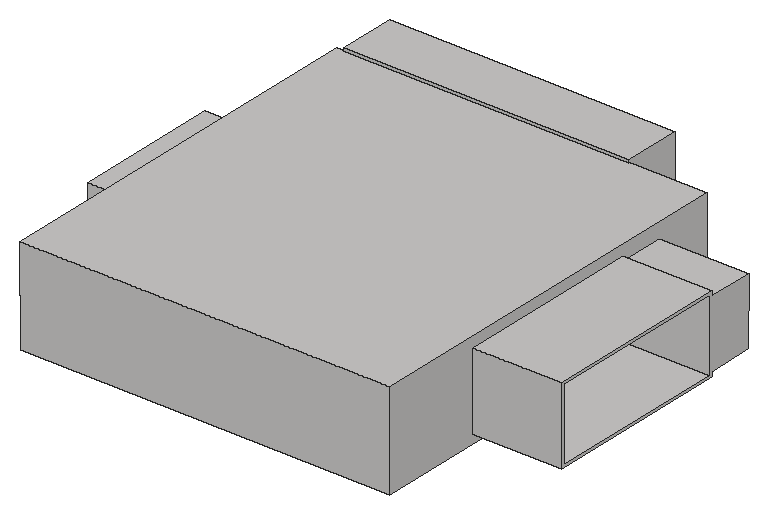
Revit family
Parameters
  Width = 3' - 7"
  Voltage = 208 V
  Unit Weight = "176.0 lbs"
  URL = "http://www.titus-hvac.com/"
  UL = "181"
  Supply Air Flow [instance] = 0 CFM
  Primary Air Pressure Drop [instance] = 0.00 in-wg
  Primary Air Flow [instance] = 0 CFM
  Plenum Air Pressure Drop [instance] = 0.00 in-wg
  Plenum Air Flow [instance] = 0 CFM
  Outlet Width = 1' - 8 3/8"
  Outlet Vertical Offset = 0' - 1 7/8"
  Outlet Horizontal Offset = 0' 11 1/4" + 0' 0 1/4"  # 0' - 11 1/2"
  Outlet Height = 0' - 8 3/8"
  Offset = 0' - 0 7/8"
  Number of Poles = 2
  Nominal Width = Width + 0' 6 1/4"  # 4' - 1 1/4"
  Nominal Length = Length + 0' 3 3/8" + 0' 9 3/4"  # 4' - 5 3/8"
  Nominal Inlet Width = 1' - 4"
  Nominal Inlet Height = 0' - 8"
  Nominal Height = 0' - 10 3/4"
  No. of Motors = 2
  NFPA = "90A"
  Motor Full Load Amps [instance] = 3.4 A
  Model = "DFLS"
  Min. Air Flow = 0 CFM
  Max. Air Flow = 1860 CFM
  Material = Steel
  Manufacturer = "Titus"
  Lynergy Controlled Heater = no
  Length = 3' - 4 1/4"
  Juction Box Offset = 0' - 0 3/4"
  Inlet Width = Nominal Inlet Width - 0' 0 1/8"  # 1' - 3 7/8"
  Inlet Height = Nominal Inlet Height - 0' 0 1/8"  # 0' - 7 7/8"
  Induced Air Inlet Offset = 0' - 1 1/8"
  Induced Air Inlet Width = 0' - 10 3/8"
  Induced Air Inlet Height = 0' - 8 3/4"
  Induced Air Filter = no
  Height = 0' - 10 1/2"
  Heating Total Capacity [instance] = 0 Btu/h
  Half Outlet Connection Width = Outlet Width / 2  # 0' - 10 3/16"
  Half Outlet Connection Height = Outlet Height / 2  # 0' - 4 3/16"
  Half Height Start = -(Height / 2)  # -0' - 5 1/4"
  Half Height End = Height / 2  # 0' - 5 1/4"
  HP-Motor = "1/6"
  Fuse Block = no
  Frequency = 60 Hz
  Foil Face Liner = Choose Liner Option = 1  # no
  Fiber Free Liner = Choose Liner Option = 2  # no
  Fan Disconnect Switch = no
  Electric Heat Power [instance] = 0 VA
  Description = "Series Fan Powered Terminal Unit, Direct Digital Control, Pressure Independent, Low Profile"
  Connection Void Radius = Connection Radius - 0' 0 1/4"  # 0' - 3 11/16"
  Connection Radius = Inlet Height / 2  # 0' - 3 15/16"
  Choose Liner Option = 0
  CADworks URL = "www.CADworks.net"
  Assembly Code = "D3040100"
  Apparent Power [instance] = Electric Heat Power + Motor Full Load Amps * Voltage  # 707.2 VA
  Air Inlet Offset = 1' - 9 5/8"
  1/2" Fiberglass Liner = Choose Liner Option = 0  # yes
Reference planes (in)
  plane 1 "Center (Front/Back)": y = 0
  plane 2: z = 0
  plane 3 "Center (Left/Right)": x = 3
  plane 4: x = -17.125
  plane 5: x = 23.125
  plane 6: x = -16.375
  plane 7: x = -20.5
  plane 8 "Center (Elevation)": z = 0
  plane 9: y = -21.5
  plane 10: y = 21.5
  plane 11: y = -0.125
  plane 12: y = -20.375
  plane 13: x = 32.875
  plane 14: y = 27.75
  plane 15: y = 20.375
  plane 16: x = -11.125
  plane 17: z = 5.25
  plane 18: z = -5.25
Forms (in)
  Extrusion 1, solid, material "Steel" <- "Material"
    sketch origin (0, 0, 0) x (1, 0, 0) y (0, 1, 0)
      loop
        line (-17.125, 21.5) -> (-17.125, -21.5) -> (23.125, -21.5) -> (23.125, 21.5) -> (-17.125, 21.5)
    from -5.25 <- "Half Height Start" to 5.25 <- "Half Height End"
  Extrusion 2, solid, material "Steel" <- "Material"
    sketch origin (2.25, 0, -4.125) x (1, 0, 0) y (0, 1, 0)
      loop
        line (-18.625, 21.5) -> (12.375, 21.5) -> (12.375, 27.75) -> (-18.625, 27.75) -> (-18.625, 21.5)
    from 0 to 9.625
  Extrusion 3, solid, material "Steel" <- "Material"
    sketch origin (-27.9375, -3.125, 0) x (0, 0, -1) y (0, 1, 0)
      loop
        line (-3.9375, -4.9375) -> (3.9375, -4.9375) -> (3.9375, 10.9375) -> (-3.9375, 10.9375) -> (-3.9375, -4.9375)
    from 7.4375 to 10.8125
  Extrusion 4, void
    sketch origin (-17.125, -21.5, 0) x (0, -1, 0) y (0, 0, -1)
      loop
        line (-11.5, -4.375) -> (-1.125, -4.375) -> (-1.125, 4.375) -> (-11.5, 4.375) -> (-11.5, -4.375)
    from 0 to 6
  Extrusion 5, void
    sketch origin (-27.9375, -11, 0) x (0, 1, 0) y (0, 0, 1)
      loop
        line (18.5625, 3.6875) -> (3.1875, 3.6875) -> (3.1875, -3.6875) -> (18.5625, -3.6875) -> (18.5625, 3.6875)
    from 7.4375 to 16.8125
  Extrusion 6, void
    sketch origin (-17.125, 21.5, 0) x (0, 1, 0) y (0, 0, 1)
      loop
        line (-11.5, 4.375) -> (-11.5, -4.375) -> (-1.125, -4.375) -> (-1.125, 4.375) -> (-11.5, 4.375)
    from 0 to 6
  Extrusion 7, solid, material "Steel" <- "Material"
    sketch origin (24.125, -40.875, 0) x (0, 1, 0) y (0, 0, 1)
      loop
        line (55.875, -3.6875) -> (55.875, 3.6875) -> (50.875, 3.6875) -> (50.875, 4.1875) -> (30.5, 4.1875) -> (30.5, -4.1875) -> (50.875, -4.1875) -> (50.875, -3.6875) -> (55.875, -3.6875)
      loop
        line (50.625, -3.9375) -> (50.625, 3.9375) -> (30.75, 3.9375) -> (30.75, -3.9375) -> (50.625, -3.9375)
    from -1 to 8.75
Cuts and joins
  Extrusion 4, Extrusion 5, Extrusion 6 cuts Extrusion 1
  Extrusion 5 cuts Extrusion 3
Dimensions and locks (in)
  "Length": plane 5 to plane 4
  equal spacing: plane 5, plane 3 "Center (Left/Right)", plane 4
  locked: Extrusion 2 to Extrusion 2 at 31
  "Juction Box Offset": plane 6 to plane 4
  locked: plane 4 to plane 7 at 3.375
  "Width": plane 9 to plane 10
  equal spacing: plane 9, plane 1 "Center (Front/Back)", plane 10, locked at 21.5 each
  locked: Extrusion 2 to Extrusion 2 at 6.25
  "Air Inlet Offset": plane 10 to plane 11
  "Induced Air Inlet Offset": plane 9 to plane 12
  "Induced Air Inlet Width": Extrusion 4 sketch curve to Extrusion 4 sketch curve
  "Induced Air Inlet Height": Extrusion 4 sketch curve to Extrusion 4 sketch curve
  "Induced Air Inlet Offset": Extrusion 4 sketch curve to plane 9
  "Inlet Width": Extrusion 3 sketch curve to Extrusion 3 sketch curve
  equal spacing: Extrusion 3 sketch curve, plane 11, Extrusion 3 sketch curve
  "Inlet Height": Extrusion 3 sketch curve to Extrusion 3 sketch curve
  equal spacing: Extrusion 3 sketch curve, plane 8 "Center (Elevation)", Extrusion 3 sketch curve
  "Offset": cut or joined group of Extrusion 1, Extrusion 4, Extrusion 5, Extrusion 6 to Extrusion 4 sketch curve
  "Induced Air Inlet Width": Extrusion 6 sketch curve to Extrusion 6 sketch curve
  "Induced Air Inlet Height": Extrusion 6 sketch curve to Extrusion 6 sketch curve
  locked: Extrusion 7 sketch curve to Extrusion 7 sketch curve at 5  (x2)
  "Offset": cut or joined group of Extrusion 1, Extrusion 4, Extrusion 5, Extrusion 6 to Extrusion 6 sketch curve
  "Induced Air Inlet Offset": plane 15 to plane 10
  equal spacing: plane 17, level, plane 18, locked at 5.25 each
  locked: Extrusion 2 to Extrusion 2 at 9.625
  locked: plane 18 to Extrusion 2 at 1.125
  "Induced Air Inlet Offset": Extrusion 6 sketch curve to plane 10
  cut or joined group of Extrusion 3, Extrusion 5 to cut or joined group of Extrusion 3, Extrusion 5 = 1' - 3 7/8"
  equal spacing: cut or joined group of Extrusion 3, Extrusion 5, plane 11, cut or joined group of Extrusion 3, Extrusion 5, locked at 7.9375 each
  locked: cut or joined group of Extrusion 3, Extrusion 5 to cut or joined group of Extrusion 3, Extrusion 5 at 0.25  (x2)
  "Outlet Width": Extrusion 7 sketch curve to Extrusion 7 sketch curve
  "Outlet Height": Extrusion 7 sketch curve to Extrusion 7 sketch curve
  equal spacing: Extrusion 7 sketch curve, level, Extrusion 7 sketch curve, locked at 4.1875 each
  locked: Extrusion 7 sketch curve to Extrusion 7 sketch curve at 0.25  (x6)
  locked: plane 9 to Extrusion 7 sketch curve at 11.125
  Extrusion 7 sketch curve to Extrusion 7 sketch curve = 0' - 7 3/8"
  equal spacing: Extrusion 7 sketch curve, level, Extrusion 7 sketch curve, locked at 3.6875 each
  locked: Extrusion 7 sketch curve to Extrusion 7 sketch curve at 0.5  (x2)
  locked: plane 5 to plane 13 at 9.75
  aligned and locked: plane 5 to Extrusion 7
  aligned and locked: plane 13 to Extrusion 7
  aligned and locked: plane 7 to cut or joined group of Extrusion 3, Extrusion 5  (x2)
  aligned and locked: plane 4 to cut or joined group of Extrusion 3, Extrusion 5
  aligned and locked: Extrusion 7 to cut or joined group of Extrusion 1, Extrusion 4, Extrusion 5, Extrusion 6
  aligned and locked: plane 16 to Extrusion 4
  aligned and locked: Extrusion 4 to Extrusion 5
  aligned and locked: Extrusion 5 to plane 7
  aligned and locked: Extrusion 5 to Extrusion 6
  aligned and locked: plane 6 to Extrusion 2
  aligned and locked: plane 14 to Extrusion 2
  aligned and locked: plane 10 to Extrusion 2
  aligned and locked: plane 4 to cut or joined group of Extrusion 1, Extrusion 4, Extrusion 5, Extrusion 6  (x3)
  aligned and locked: plane 15 to cut or joined group of Extrusion 1, Extrusion 4, Extrusion 5, Extrusion 6
  aligned and locked: plane 16 to cut or joined group of Extrusion 1, Extrusion 4, Extrusion 5, Extrusion 6  (x3)
  aligned and locked: plane 5 to cut or joined group of Extrusion 1, Extrusion 4, Extrusion 5, Extrusion 6
  aligned and locked: plane 9 to cut or joined group of Extrusion 1, Extrusion 4, Extrusion 5, Extrusion 6
  aligned and locked: plane 12 to cut or joined group of Extrusion 1, Extrusion 4, Extrusion 5, Extrusion 6
  aligned and locked: plane 17 to cut or joined group of Extrusion 1, Extrusion 4, Extrusion 5, Extrusion 6
  aligned and locked: plane 18 to cut or joined group of Extrusion 1, Extrusion 4, Extrusion 5, Extrusion 6
Automatic sketch dimensions
  Extrusion 1 sketch curve to plane 4 = 0' - 0"
  Extrusion 1 sketch curve to plane 5 = 0' - 0"
  Extrusion 1 sketch curve to plane 9 = 0' - 0"
  Extrusion 1 sketch curve to plane 10 = 0' - 0"
  Extrusion 2 sketch curve to plane 6 = 0' - 0"
  Extrusion 2 sketch curve to plane 10 = 0' - 0"
  plane 3 "Center (Left/Right)" to Extrusion 2 sketch curve = 0' - 11 5/8"
  Extrusion 2 sketch curve to Extrusion 2 sketch curve = 0' - 6 1/4"
  level to Extrusion 5 sketch curve = 0' - 3 11/16"
  plane 11 to Extrusion 5 sketch curve = 0' - 7 11/16"
  Extrusion 5 sketch curve to level = 0' - 3 11/16"
  Extrusion 5 sketch curve to plane 1 "Center (Front/Back)" = 0' - 7 9/16"
Connectors (in)
  electrical at (-0.875, 27.75, 0.6875), driven by "Apparent Power", driven by "Voltage", driven by "Number of Poles"
    settings: on Extrusion 2, index 8
  hvac at (-20.5, -0.125, 0), driven by "Primary Air Flow", driven by "Inlet Height", driven by "Inlet Width", driven by "Primary Air Pressure Drop"
    settings: on cut or joined group of Extrusion 3, Extrusion 5, index 12
  hvac at (-17.125, -15.1875, 0), driven by "Plenum Air Flow", driven by "Induced Air Inlet Height", driven by "Induced Air Inlet Width", driven by "Plenum Air Pressure Drop"
    settings: on cut or joined group of Extrusion 1, Extrusion 4, Extrusion 5, Extrusion 6, index 14
  hvac at (-17.125, 15.1875, 0), driven by "Plenum Air Flow", driven by "Induced Air Inlet Height", driven by "Induced Air Inlet Width", driven by "Plenum Air Pressure Drop"
    settings: on cut or joined group of Extrusion 1, Extrusion 4, Extrusion 5, Extrusion 6, index 15
  hvac at (32.875, -0.1875, 0), driven by "Supply Air Flow", driven by "Outlet Height", driven by "Outlet Width"
    settings: on Extrusion 7, index 17
